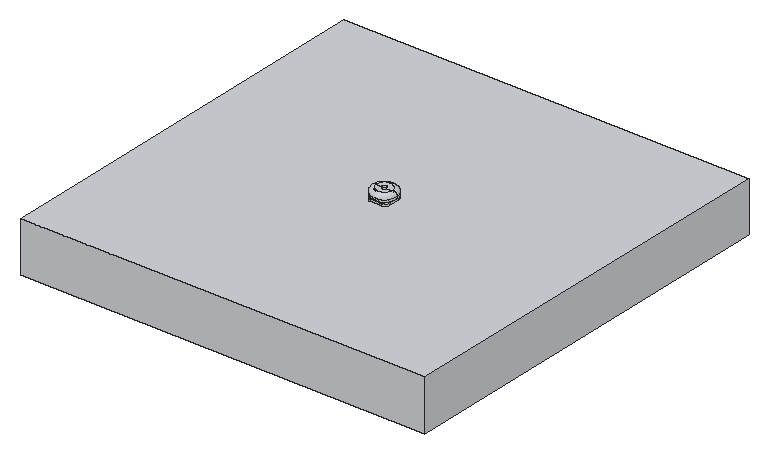
Revit family "M_Campainha", category Dispositivos de comunicação, Revit 2019
Family settings
  Hospedeiro = Face
  Manter orientação da anotação = Sim
  Cota do conector redondo = Utilizar diâmetro
  Tipo de parte = Normal
  Número OmniClass = 23.85.10.11.11.11
  Título OmniClass = Bells, Carillons, Single Units
  ID de item do Seek = Bell-0000-CAN-ENU
  Corte com vazios quando carregada = Não
  Compartilhado = Não
  Ponto de cálculo do ambiente = Não
Parameters (values of type "Padrão")
  Material da campana = none
  Elevação-padrão = 1200 mm
Reference planes
  plane 1 "Centro (Frente/Trás)": y = 0
  plane 2: z = 0
  plane 3 "Centro (Esquerda/Direita)": x = 0
  plane 4: z = -45.466
  plane 5: z = 64.008
  plane 6: x = -75.057
  plane 7: x = 75.057
  plane 8: z = 25.4
  plane 9: z = 12.7
  plane 10: z = -25.4
Forms (mm)
  Extrusion 1, solid
    sketch origin (0, 0, 0) x (1, 0, 0) y (0, 1, 0)
      loop
        line (-1219.2, 1219.2) -> (-1219.2, -1219.2) -> (1219.2, -1219.2) -> (1219.2, 1219.2) -> (-1219.2, 1219.2)
    from 0 to -304.8
  Revolve 2, solid, material <- "Material da campana"
    sketch origin (0, 0, 0) x (1, 0, 0) y (0, 0, 1)
      loop
        arc (-49.657, 60.833) -> (-67.618, 53.394) -> (-75.057, 35.433) r 25.4
        line (-75.057, 35.433) -> (-75.057, 25.4) -> (0, 25.4) -> (0, 60.833) -> (-49.657, 60.833)
      axis (0, 60.833) -> (0, 25.4)
    angle from 0 to 360
  Extrusion 3, solid, material <- "Material da campana"
    sketch origin (0, 0, 0) x (1, 0, 0) y (0, 1, 0)
      loop
        arc (-34.544, 59.944) -> (-52.505, 52.505) -> (-59.944, 34.544) r 25.4
        line (-59.944, 34.544) -> (-59.944, -34.544)
        arc (-59.944, -34.544) -> (-52.505, -52.505) -> (-34.544, -59.944) r 25.4
        line (-34.544, -59.944) -> (34.544, -59.944)
        arc (34.544, -59.944) -> (52.505, -52.505) -> (59.944, -34.544) r 25.4
        line (59.944, -34.544) -> (59.944, 34.544)
        arc (59.944, 34.544) -> (52.505, 52.505) -> (34.544, 59.944) r 25.4
        line (34.544, 59.944) -> (-34.544, 59.944)
    from 0 to 12.7
  Blend 4, solid, material <- "Material da campana"
    base sketch origin (0, 0, 0) x (1, 0, 0) y (0, 1, 0)
      loop
        line (34.544, 59.944) -> (-34.544, 59.944)
        arc (-34.544, 59.944) -> (-52.505, 52.505) -> (-59.944, 34.544) r 25.4
        line (-59.944, 34.544) -> (-59.944, -34.544)
        arc (-59.944, -34.544) -> (-52.505, -52.505) -> (-34.544, -59.944) r 25.4
        line (-34.544, -59.944) -> (34.544, -59.944)
        arc (34.544, -59.944) -> (52.505, -52.505) -> (59.944, -34.544) r 25.4
        line (59.944, -34.544) -> (59.944, 34.544)
        arc (59.944, 34.544) -> (52.505, 52.505) -> (34.544, 59.944) r 25.4
    top sketch origin (0, 0, 0) x (1, 0, 0) y (0, 1, 0)
      loop
        line (-50.8, 50.8) -> (-50.8, -50.8) -> (50.8, -50.8) -> (50.8, 50.8) -> (-50.8, 50.8)
    from 12.7 to 25.4
  Extrusion 5, solid, material <- "Material da campana"
    sketch origin (0, 0, 0) x (1, 0, 0) y (0, 1, 0)
      loop
        circle (0, 0) r 12.7
    from 60.833 to 64.008
Cuts and joins
  joined: Revolve 2, Extrusion 3, Blend 4
Lines and regions (mm)
  symbolic lines, detail levels fine
    curve 1: line (-75.057, 0, 25.4) -> (75.057, 0, 25.4)
    curve 2: line (-75.057, 0, 35.433) -> (-75.057, 0, 25.4)
    curve 3: line (-49.657, 0, 60.833) -> (49.657, 0, 60.833)
    curve 4: line (75.057, 0, 35.433) -> (75.057, 0, 25.4)
    curve 5: arc (-49.657, 0, 60.833) -> (-67.618, 0, 53.394) -> (-75.057, 0, 35.433) r 25.4
    curve 6: arc (49.657, 0, 60.833) -> (67.618, 0, 53.394) -> (75.057, 0, 35.433) r 25.4
    curve 7: line (-59.944, 0, 0) -> (59.944, 0, 0)
    curve 8: line (-12.7, 0, 64.008) -> (12.7, 0, 64.008)
    curve 9: line (12.7, 0, 64.008) -> (12.7, 0, 60.833)
    curve 10: line (-12.7, 0, 64.008) -> (-12.7, 0, 60.833)
    curve 11: line (-59.944, 0, 0) -> (59.944, 0, 0)
    curve 12: line (-59.944, 0, 12.7) -> (59.944, 0, 12.7)
    curve 13: line (-59.944, 0, 12.7) -> (-59.944, 0, 0)
    curve 14: line (59.944, 0, 12.7) -> (59.944, 0, 0)
    curve 15: line (59.944, 0, 12.7) -> (50.8, 0, 25.4)
    curve 16: line (-50.8, 0, 25.4) -> (-59.944, 0, 12.7)
Dimensions and locks
  locked: plane 5 to plane 2 at 64.008
  locked: plane 2 to plane 4 at 45.466
  locked: plane 8 to plane 2 at 25.4
  equal spacing: plane 8, plane 9, plane 2
  locked: plane 2 to plane 10 at 25.4
  equal spacing: plane 6, plane 3 "Centro (Esquerda/Direita)", plane 7
  locked: plane 6 to plane 7 at 150.114
  equal spacing: Extrusion 3 sketch curve, plane 1 "Centro (Frente/Trás)", Extrusion 3 sketch curve
  locked: Extrusion 3 sketch curve to Extrusion 3 sketch curve at 119.888  (x2)
  equal spacing: Extrusion 3 sketch curve, plane 3 "Centro (Esquerda/Direita)", Extrusion 3 sketch curve
  radius of Extrusion 5 sketch curve = 12.7 mm
  aligned and locked: plane 2 to Extrusion 1
  aligned and locked: level to Extrusion 1
  aligned and locked: plane 8 to Revolve 2 sketch curve
  aligned: plane 8 to Extrusion 3
  aligned: Extrusion 3 to plane 9
  aligned and locked: Extrusion 3 to level
  aligned and locked: curve 7 to Extrusion 3
  aligned and locked: plane 3 "Centro (Esquerda/Direita)" to nested 1
  aligned and locked: plane 1 "Centro (Frente/Trás)" to nested 1
  aligned and locked: plane 9 to Extrusion 3
  aligned and locked: Blend 4 to plane 9
  aligned and locked: Blend 4 sketch curve to Extrusion 3  (x4)
  aligned and locked: plane 1 "Centro (Frente/Trás)" to Extrusion 5 sketch curve
  aligned and locked: plane 3 "Centro (Esquerda/Direita)" to Extrusion 5 sketch curve
  aligned and locked: curve 3 to Extrusion 5
  aligned and locked: plane 5 to Extrusion 5
  aligned and locked: curve 12 to cut or joined group of Revolve 2, Extrusion 3, Blend 4
Automatic sketch dimensions
  Extrusion 1 sketch curve to Extrusion 1 sketch curve = 2438.4 mm  (x2)
  plane 6 to Revolve 2 sketch curve = 0 mm
  Revolve 2 sketch curve to plane 3 "Centro (Esquerda/Direita)" = 0 mm  (x2)
  plane 8 to Revolve 2 sketch curve = 10.033 mm
  plane 9 to Revolve 2 sketch curve = 3.127 mm
  plane 5 to Revolve 2 sketch curve = 15.067 mm
  Extrusion 3 sketch curve to plane 3 "Centro (Esquerda/Direita)" = 34.544 mm
  Extrusion 3 sketch curve to Extrusion 3 sketch curve = 25.4 mm
  plane 3 "Centro (Esquerda/Direita)" to Extrusion 3 sketch curve = 34.544 mm  (x2)
  Blend 4 sketch curve to plane 3 "Centro (Esquerda/Direita)" = 50.8 mm
  plane 3 "Centro (Esquerda/Direita)" to Blend 4 sketch curve = 50.8 mm
  plane 1 "Centro (Frente/Trás)" to Blend 4 sketch curve = 50.8 mm
  Blend 4 sketch curve to plane 1 "Centro (Frente/Trás)" = 50.8 mm
  Revolve 2 sketch curve to plane 6 = 25.4 mm
  plane 6 to curve 1 = 0 mm
  curve 10 to plane 5 = 0 mm
  curve 4 to plane 7 = 0 mm
  curve 13 to plane 6 = 15.113 mm
  plane 8 to curve 5 = 10.033 mm
  curve 10 to plane 3 "Centro (Esquerda/Direita)" = 12.7 mm
  plane 3 "Centro (Esquerda/Direita)" to curve 8 = 12.7 mm
  curve 6 to plane 7 = 25.4 mm
  curve 6 to curve 15 = 1.143 mm
  curve 15 to plane 7 = 15.113 mm
  curve 16 to plane 8 = 0 mm
  curve 16 to curve 5 = 1.143 mm
Nested families
  nested 1: "M_Anotação da campainha" at (0, 0, 0), type "Anotação de campainha", detail levels coarse+medium
Connectors
  electrical at (0, 0, 0)
    settings: on cut or joined group of Revolve 2, Extrusion 3, Blend 4, index 1, voltage 0 V, apparent load 0 VA, apparent load phase1 0 VA, apparent load phase2 0 VA, apparent load phase3 0 VA, power factor 1, load classification "Outros", number of poles 1, system type 14, power factor state 1, is connector primary yes, connector utility no, sub classification motor no, connector description ""
Definition of nested family "M_Anotação da campainha"
  Parameters
    Anotação de legenda = "B"
  Reference planes
    plane 1: y = 0
    plane 2: x = 0
  Lines and regions (mm)
    reference lines
      curve 1: line (-2.183, 5.783, 0) -> (-2.183, -7.274, 0)
      curve 2: line (2.183, 7.519, 0) -> (2.183, -7.274, 0)
      curve 3: line (-6.856, 4.366, 0) -> (8.926, 4.366, 0)
      curve 4: line (-9.435, 0, 0) -> (9.615, 0, 0)
      curve 9: line (-7.978, 5.556, 0) -> (8.926, 5.556, 0)
    detail lines
      curve 5: line (-2.183, 4.366, 0) -> (2.183, 4.366, 0)
      curve 6: line (-2.183, 0, 0) -> (-2.183, 4.366, 0)
      curve 7: line (2.183, 0, 0) -> (-2.183, 0, 0)
      curve 8: line (2.183, 4.366, 0) -> (2.183, 0, 0)
      curve 10: circle (0, 5.556, 0) r 1.191 normal (0, 0, 1)
  Text (mm)
    label "B" at (-1.054, 1.714, 0), shows "Anotação de legenda"
  Dimensions and locks
    locked: curve 1 to plane 2 at 2.183
    locked: plane 2 to curve 2 at 2.183
    locked: curve 4 to curve 3 at 4.366
    locked: curve 4 to plane 1 at 0
    locked: curve 3 to curve 9 at 1.191
    radius of curve 10 = 1.191 mm
    aligned and locked: curve 3 to curve 5
    aligned and locked: curve 6 to curve 1
    aligned and locked: curve 7 to curve 4
    aligned and locked: curve 2 to curve 8
